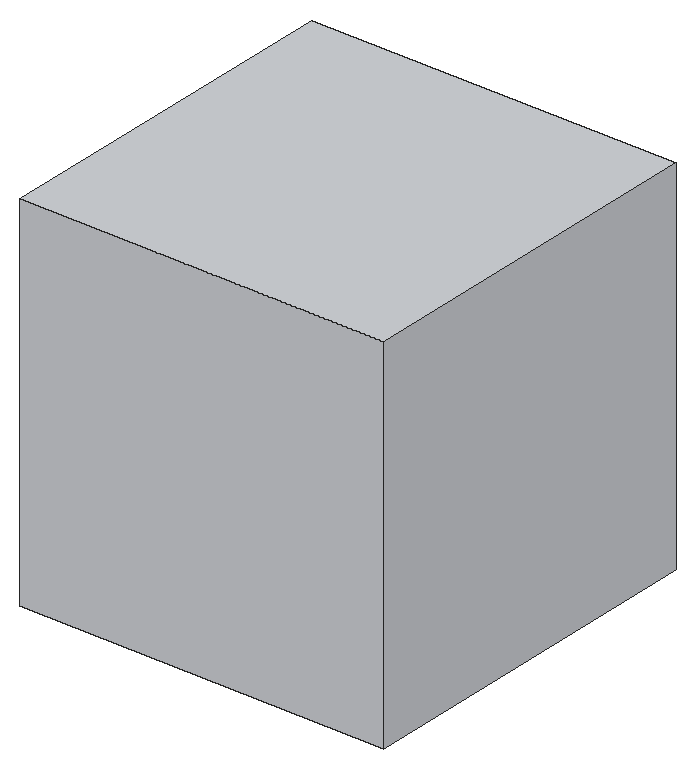
Revit family "EI_Generator_V1700", category Elektroinstallationen, Revit 2017
Family settings
  Beschriftungsausrichtung beibehalten = Nein
  Bemaßung runder Anschluss = Durchmesser verwenden
  Teiletyp = Normal
  OmniClass-Nummer = 23.80.10.11.11
  OmniClass-Titel = Electrical Generators, Single Units
  Arbeitsebenenbasiert = Nein
  Immer vertikal = Ja
  Beim Laden mit Abzugskörper schneiden = Nein
  Gemeinsam genutzt = Nein
  Raumberechnungspunkt = Nein
Parameters (values of type "400V")
  pbr_Material_KZ = ""
  pbr_Material = none
  pbr_E_Typ = ""
  pbr_E_KZ = ""
  pbr_DINBild = 0
  pbr_Bild = 0
  pbr_3Dx_Delta_Korrekturversatz [instance] = 0 mm
  pbr_3DX_Versatzfaktor [instance] = 0
  pbr_2DY_Versatzfaktor [instance] = 0
  pbr_2DX_Versatzfaktor [instance] = 0
  cpiFitMatchKey [instance] = "E-EGE"  # constant formula
  Zentrale [instance] = ""
  YFrontversatz [instance] = if(pbr_2DY_Versatzfaktor = 300, 0 mm, pbr_2DY_Versatzfaktor * 300 mm)  # 0 mm
  XSeitenversatz [instance] = if(pbr_2DX_Versatzfaktor = 0, 3000 mm, 3000 mm + (pbr_2DX_Versatzfaktor * 300 mm)) + Eckversatz  # 3000 mm
  X3Dversatz [instance] = 0 mm
  Wirkleistung [instance] = 0 W
  Typ [instance] = ""
  Tiefe = 300 mm
  Text3 [instance] = ""
  Text2 [instance] = ""
  Text1 [instance] = ""
  Spannung [instance] = 0
  Scheinleistung [instance] = 0 VA
  Schaltgruppe2 [instance] = 0
  Schaltgruppe1 [instance] = 0
  Polig [instance] = 1
  Planungsbüro Rohling = "www.pbr.de"
  Nennstrom [instance] = 0
  Menge(Dosenzahl) [instance] = 0
  Länge = 300 mm
  Linie/Anschluss [instance] = ""
  Leistungsfaktor [instance] = 0
  Lastklassifizierung = none
  Installationsart [instance] = ""
  Info [instance] = ""
  Höhe = 300 mm
  Gleichzeitigkeitsfaktor3 [instance] = 0
  Gleichzeitigkeitsfaktor2 [instance] = 0
  Gleichzeitigkeitsfaktor1 [instance] = 0
  Gewerk [instance] = "Steck"
  Generator = yes
  Eckversatz [instance] = 0 mm
  Anlaufstrom [instance] = 0
  3DX_Versatzkontrolle [instance] = if(pbr_3DX_Versatzfaktor = 0, (pbr_2DX_Versatzfaktor * -1), (((-1 * pbr_3DX_Versatzfaktor) + pbr_2DX_Versatzfaktor) * -1))  # 0
Reference planes
  plane 1 "Mitte (Vorne/Hinten)": y = 0
  plane 2: z = 0
  plane 3 "Mitte (Links/Rechts)": x = 0
  plane 4: z = 300
  plane 5: y = 150
  plane 6: x = -150
  plane 7: y = -150
  plane 8: x = 150
Forms (mm)
  Sweep 1, solid
    path origin (0, 0, 0) x (1, 0, 0) y (0, 0, 1)
      loop
        line (0, 0) -> (0, 300)
    profile origin (0, 0, 150) x (-1, 0, 0) y (0, -1, 0)
      loop
        line (150, 150) -> (-150, 150) -> (-150, -150) -> (150, -150) -> (150, 150)
Dimensions and locks
  equal spacing: plane 5, plane 1 "Mitte (Vorne/Hinten)", plane 7
  "Tiefe": plane 5 to plane 7
  equal spacing: plane 6, plane 3 "Mitte (Links/Rechts)", plane 8
  "Länge": plane 6 to plane 8
  "Höhe": plane 4 to level
  aligned and locked: level to plane 2
  aligned and locked: plane 4 to Sweep 1 sketch curve
  aligned and locked: level to Sweep 1 sketch curve
  aligned and locked: plane 5 to Sweep 1 sketch curve
  aligned and locked: plane 6 to Sweep 1 sketch curve
  aligned and locked: Sweep 1 sketch curve to plane 7
  aligned and locked: plane 8 to Sweep 1 sketch curve
Automatic sketch dimensions
  Sweep 1 sketch curve to plane 3 "Mitte (Links/Rechts)" = 0 mm
Nested families
  nested 1: "Generator" at (0, 0, 0), visible <- "Generator", type "Generator"
Connectors
  electrical at (0, 0, 0)
    settings: on Sweep 1, index 1, voltage 400 V, apparent load 0 VA, apparent load phase1 0 VA, apparent load phase2 0 VA, apparent load phase3 0 VA, power factor 1, load classification "Energie", number of poles 3, system type 30, power factor state 1, is connector primary yes, connector utility no, sub classification motor no, connector description ""
Definition of nested family "Generator"
  Parameters (values of type "Generator")
    G = yes
  Reference planes
    plane 1 "Mitte (Vorne/Hinten)": y = 0
    plane 2: z = 0
    plane 3 "Mitte (Links/Rechts)": x = 0
  Lines and regions (mm)
    Filled region 1, type "Beton", in view "Referenzebene", visible <- "G"
      outline origin (1007.414, -1033.057, 0) x (1, 0, 0) y (0, 1, 0)
        loop
          spline (-955.424, 978.799) -> (-983.768, 964.386) -> (-1011.587, 960.95) -> (-1039.493, 968.227) -> (-1059.93, 985.572) -> (-1070.436, 1011.874) -> (-1071.916, 1039.341) -> (-1065.68, 1066.833) -> (-1049.749, 1089.513) -> (-1024.185, 1101.537) -> (-996.623, 1102.185) -> (-970.822, 1091.227) -> (-956.079, 1064.679)
          line (-956.079, 1064.679) -> (-934.89, 1070.48)
          spline (-934.89, 1070.48) -> (-955.29, 1106.617) -> (-990.907, 1121.831) -> (-1029.23, 1121.084) -> (-1063.548, 1106.282) -> (-1087.048, 1075.578) -> (-1096.062, 1039.021) -> (-1091.808, 999.173) -> (-1074.305, 966.833) -> (-1040.24, 945.218) -> (-1004.002, 939.667) -> (-966.67, 947.108) -> (-932.414, 967.321)
          line (-932.414, 967.321) -> (-932.414, 1033.057) -> (-1007.414, 1033.057) -> (-1007.414, 1012.153) -> (-955.424, 1012.153) -> (-955.424, 978.799)
    detail lines, in view "Referenzebene"
      curve 1: circle (-0.812, -10, 0) r 200 normal (0, 0, 1)
